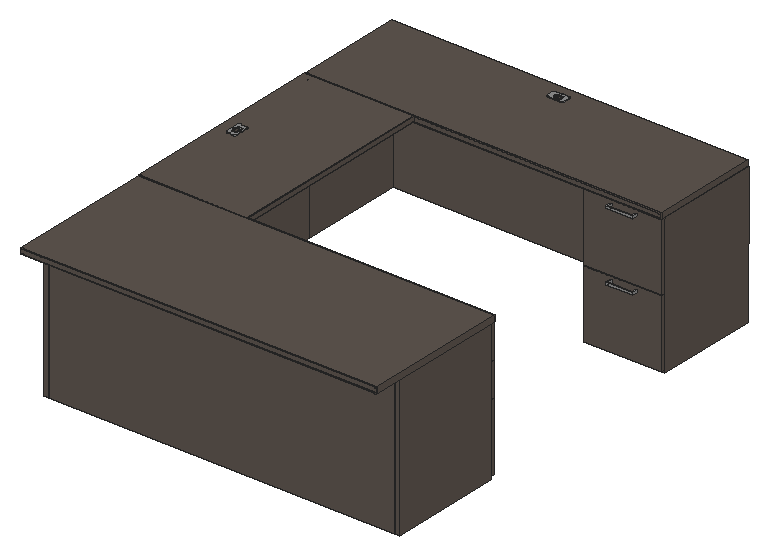
Revit family "T100294", category Furniture, Revit 2022 (continued)
Definition of nested family "OFS ELEMENT OPEN L DESK LEFT AND RIGHT 84in Width 60in Return"
  Parameters (values of type "ELEMENT OPEN L DESK RIGHT RETURN 84in Width 60in Return")
    Paper Organizer Clearance = 4 5/8"
    Paper Organizer Board Thickness = 3/4"
    Model = "EL-T84RL60C"
    Manufacturer = "OFS"
    Left Return Desk Option = yes
    Left Desk Overlay [instance] = and(Left Return Desk Option, Desk Overlay Option)  # yes
    Lateral Board Thickness = 1 3/16"
    Height = 45"
    Standoffs Material = none
    Groomet Material = none
    Desk Overlay Thickness = 1/8"
    Desk Overlay Option [instance] = yes
    Desk Overlay Material = none
    Desk Overlay = 6 1/2"
    Description = "OFS BRANDS OFS ELEMENT OPEN L DESK RIGHT RETURN 84\" Width, 84\"W x 34.3125\"D DESK, 60\"W x 22\"D RETURN With Paper Organizer"
    Desk Depth = 34 5/16"
    Depth = 94 5/16"
    Default Elevation = 0"
    Copyright © = "© 2018 OFS BRANDS"
    Catalog = "http://ofs.com/products/casegoods/reception/element"
    Bottom Board Offset = 0"
    Chassis Material = none
    Base Depth = 30"
    Back Board Thickness = 1 3/16"
    Authoring Version = "Autodesk Revit Architecture 2013"
    Assembly Code = "E2020200"
  Types (3): name | Model | Left Return Desk Option | Left Desk Overlay | Description
    (no name) | "EL-T84RL60C" | yes | yes | "OFS BRANDS OFS ELEMENT OPEN L DESK RIGHT RETURN 84\" Width, 84\"W x 34.3125\"D DESK, 60\"W x 22\"D RETURN With Paper Organizer"
    ELEMENT OPEN L DESK LEFT RETURN 84in Width 60in Return | "EL-T84LL60C" | no | no | "OFS BRANDS OFS ELEMENT OPEN L DESK LEFT RETURN 84\" Width, 84\"W x 34.3125\"D DESK, 60\"W x 22\"D RETURN With Paper Organizer"
    ELEMENT OPEN L DESK RIGHT RETURN 84in Width 60in Return | "EL-T84RL60C" | yes | yes | "OFS BRANDS OFS ELEMENT OPEN L DESK RIGHT RETURN 84\" Width, 84\"W x 34.3125\"D DESK, 60\"W x 22\"D RETURN With Paper Organizer"
  Reference planes (in)
    plane 1 "Center Front/Back": y = 0
    plane 2: z = 0
    plane 3 "Center Left/Right": x = 0
    plane 4 "Back External": y = 17.15625
    plane 5 "Right External": x = 42
    plane 6 "Front External": y = -17.15625
    plane 7 "Left External": x = -42
    plane 8 "Seat Height": z = 29.5
    plane 9 "Height": z = 45
    plane 10: x = 40.8125
    plane 11: x = -40.8125
    plane 12: y = 12.84375
    plane 13: y = 11.65625
    plane 14: y = 3.65625
    plane 15: z = 40.5
    plane 16: z = 28.5
    plane 17: z = 43.875
    plane 18: z = 39.375
    plane 19: z = 0
    plane 20: x = 39.375
    plane 21: x = 2.625
    plane 22: x = 35.5
    plane 23: z = 6.5
    plane 24: z = 34
    plane 25: y = 12.96875
    plane 26: y = -77.15625
    plane 27: x = -20
    plane 28: x = 20
    plane 29: y = -75.96875
    plane 30: x = -37
    plane 31: x = 37
    plane 32: y = -47.15625
    plane 33: x = 6.5
    plane 34: y = -18.34375
    plane 35: y = -75.21875
    plane 36: x = -40.0625
    plane 37: y = -19.09375
    plane 38: x = -28.0625
    plane 39: z = 34.125
    plane 40: z = 39.75
    plane 41: z = 34.875
    plane 42: y = -61.5625
    plane 43: y = -32.75
    plane 44: x = -28.8125
    plane 45: x = 20
    plane 46: x = 37
    plane 47: y = -19.09375
    plane 48: x = 28.0625
    plane 49: y = -61.5625
    plane 50: y = -32.75
    plane 51: x = 28.8125
    plane 52: x = -39.375
    plane 53: x = -2.625
    plane 54: x = -35.5
    plane 55: x = -6.5
  Forms (in)
    Extrusion 1, solid, material <- "Chassis Material", visible <- "Left Return Desk Option"
      sketch origin (0, 0, 0) x (1, 0, 0) y (0, 1, 0)
        loop
          line (42, 12.84375) -> (0, 12.84375) -> (0, 11.65625) -> (40.8125, 11.65625) -> (40.8125, -17.15625) -> (42, -17.15625) -> (42, 12.84375)
      from 0 to 40.5
    Extrusion 2, solid, material <- "Chassis Material", visible <- "Left Return Desk Option"
      sketch origin (0, 0, 6) x (1, 0, 0) y (0, 1, 0)
        loop
          line (0, 11.65625) -> (0, 3.65625) -> (40.8125, 3.65625) -> (40.8125, 11.65625) -> (0, 11.65625)
      from 33.375 to 34.5
    Extrusion 3, solid, material <- "Transaction Shelf Material", visible <- "Left Return Desk Option"
      sketch origin (0, 0, 6) x (1, 0, 0) y (0, 1, 0)
        loop
          line (0, 17.15625) -> (0, 3.65625) -> (42, 3.65625) -> (42, 17.15625) -> (0, 17.15625)
      from 37.875 to 39
    Extrusion 4, solid, material <- "Standoffs Material", visible <- "Left Return Desk Option"
      sketch origin (44.5, 0, 0) x (1, 0, 0) y (0, 1, 0)
        loop
          circle (-41.875, 10.04085) r 0.625
      from 40.5 to 43.875
    Extrusion 5, solid, material <- "Standoffs Material", visible <- "Left Return Desk Option"
      sketch origin (44.5, -4.75, 0) x (1, 0, 0) y (0, 1, 0)
        loop
          circle (-41.875, 10.04085) r 0.625
      from 40.5 to 43.875
    Extrusion 6, solid, material <- "Standoffs Material", visible <- "Left Return Desk Option"
      sketch origin (66.75, 0, 0) x (1, 0, 0) y (0, 1, 0)
        loop
          circle (-27.375, 10.04085) r 0.625
      from 40.5 to 43.875
    Extrusion 7, solid, material <- "Standoffs Material", visible <- "Left Return Desk Option"
      sketch origin (66.75, -4.75, 0) x (1, 0, 0) y (0, 1, 0)
        loop
          circle (-27.375, 10.04085) r 0.625
      from 40.5 to 43.875
    Extrusion 8, solid, material <- "Chassis Material", visible <- "Left Return Desk Option"
      sketch origin (0, 0, 0) x (1, 0, 0) y (0, 1, 0)
        loop
          line (-42, -17.15625) -> (-42, -77.15625) -> (-20, -77.15625) -> (-20, -75.96875) -> (-40.8125, -75.96875) -> (-40.8125, -18.34375) -> (-20, -18.34375) -> (-20, -17.15625) -> (-42, -17.15625)
      from 0 to 40.5
    Extrusion 9, solid, material <- "Worksurface Material", visible <- "Left Return Desk Option"
      sketch origin (14.83926, -32.43958, 0) x (1, 0, 0) y (0, 1, 0)
        loop
          line (-55.65176, 14.09583) -> (-55.65176, -43.52917) -> (-34.83926, -43.52917) -> (-34.83926, 14.09583) -> (-55.65176, 14.09583)
      from 28.5 to 29.5
    Extrusion 10, solid, material <- "Desk Overlay Material", visible <- "Left Desk Overlay"
      sketch origin (0, 0, 0) x (1, 0, 0) y (0, 0, 1)
        loop
          line (35.5, 34) -> (6.5, 34) -> (6.5, 6.5) -> (35.5, 6.5) -> (35.5, 34)
      from -12.96875 to -12.84375
    Extrusion 11, solid, material <- "Chassis Material", visible <- "Left Return Desk Option"
      sketch origin (-18.5848, -3.95032, 0) x (1, 0, 0) y (0, 1, 0)
        loop
          line (19.7723, 15.60657) -> (18.5848, 15.60657) -> (18.5848, 3.95032) -> (19.7723, 3.95032) -> (19.7723, 15.60657)
      from 0 to 28.5
    Extrusion 12, solid, material <- "Paper Organizer Material", visible <- "Left Return Desk Option"
      sketch origin (0, 0, 0) x (1, 0, 0) y (0, 1, 0)
        loop
          line (-28.0625, -19.09375) -> (-28.0625, -18.34375) -> (-40.8125, -18.34375) -> (-40.8125, -75.96875) -> (-28.0625, -75.96875) -> (-28.0625, -75.21875) -> (-40.0625, -75.21875) -> (-40.0625, -19.09375) -> (-28.0625, -19.09375)
      from 34.125 to 40.5
    Extrusion 13, solid, material <- "Paper Organizer Material", visible <- "Left Return Desk Option"
      sketch origin (0, 0, 0) x (1, 0, 0) y (0, 1, 0)
        loop
          line (-40.8125, -18.34375) -> (-40.8125, -75.96875) -> (-28.0625, -75.96875) -> (-28.0625, -18.34375) -> (-40.8125, -18.34375)
      from 39.75 to 40.5
    Extrusion 14, solid, material <- "Paper Organizer Material", visible <- "Left Return Desk Option"
      sketch origin (0, 0, 0) x (1, 0, 0) y (0, 1, 0)
        loop
          line (-40.8125, -18.34375) -> (-40.8125, -75.96875) -> (-28.0625, -75.96875) -> (-28.0625, -18.34375) -> (-40.8125, -18.34375)
      from 34.125 to 34.875
    Extrusion 15, solid, material <- "Paper Organizer Material", visible <- "Left Return Desk Option"
      sketch origin (0, 0, 0) x (1, 0, 0) y (0, 1, 0)
        loop
          line (-40.0625, -32.625) -> (-40.0625, -32.875) -> (-28.8125, -32.875) -> (-28.8125, -32.625) -> (-40.0625, -32.625)
      from 34.875 to 39.75
    Extrusion 16, solid, material <- "Paper Organizer Material", visible <- "Left Return Desk Option"
      sketch origin (0, -11.40625, 0) x (1, 0, 0) y (0, 1, 0)
        loop
          line (-40.0625, -35.625) -> (-40.0625, -35.875) -> (-28.8125, -35.875) -> (-28.8125, -35.625) -> (-40.0625, -35.625)
      from 34.875 to 39.75
    Extrusion 17, solid, material <- "Paper Organizer Material", visible <- "Left Return Desk Option"
      sketch origin (0, -22.8125, 0) x (1, 0, 0) y (0, 1, 0)
        loop
          line (-40.0625, -38.625) -> (-40.0625, -38.875) -> (-28.8125, -38.875) -> (-28.8125, -38.625) -> (-40.0625, -38.625)
      from 34.875 to 39.75
    Extrusion 18, solid, material <- "Chassis Material", visible <- "Right Return Desk Option"
      sketch origin (0, 0, 0) x (-1, 0, 0) y (0, -1, 0)
        loop
          line (-42, 17.15625) -> (-20, 17.15625) -> (-20, 18.34375) -> (-40.8125, 18.34375) -> (-40.8125, 75.96875) -> (-20, 75.96875) -> (-20, 77.15625) -> (-42, 77.15625) -> (-42, 17.15625)
      from 0 to 40.5
    Extrusion 19, solid, material <- "Worksurface Material", visible <- "Right Return Desk Option"
      sketch origin (-14.83926, -32.43958, 0) x (-1, 0, 0) y (0, -1, 0)
        loop
          line (-55.65176, -14.09583) -> (-34.83926, -14.09583) -> (-34.83926, 43.52917) -> (-55.65176, 43.52917) -> (-55.65176, -14.09583)
      from 28.5 to 29.5
    Extrusion 20, solid, material <- "Paper Organizer Material", visible <- "Right Return Desk Option"
      sketch origin (0, 0, 0) x (-1, 0, 0) y (0, -1, 0)
        loop
          line (-28.0625, 19.09375) -> (-40.0625, 19.09375) -> (-40.0625, 75.21875) -> (-28.0625, 75.21875) -> (-28.0625, 75.96875) -> (-40.8125, 75.96875) -> (-40.8125, 18.34375) -> (-28.0625, 18.34375) -> (-28.0625, 19.09375)
      from 34.125 to 40.5
    Extrusion 21, solid, material <- "Paper Organizer Material", visible <- "Right Return Desk Option"
      sketch origin (0, 0, 0) x (-1, 0, 0) y (0, -1, 0)
        loop
          line (-40.8125, 18.34375) -> (-28.0625, 18.34375) -> (-28.0625, 75.96875) -> (-40.8125, 75.96875) -> (-40.8125, 18.34375)
      from 39.75 to 40.5
    Extrusion 22, solid, material <- "Paper Organizer Material", visible <- "Right Return Desk Option"
      sketch origin (0, 0, 0) x (-1, 0, 0) y (0, -1, 0)
        loop
          line (-40.8125, 18.34375) -> (-28.0625, 18.34375) -> (-28.0625, 75.96875) -> (-40.8125, 75.96875) -> (-40.8125, 18.34375)
      from 34.125 to 34.875
    Extrusion 23, solid, material <- "Paper Organizer Material", visible <- "Right Return Desk Option"
      sketch origin (0, 0, 0) x (-1, 0, 0) y (0, -1, 0)
        loop
          line (-40.0625, 32.625) -> (-28.8125, 32.625) -> (-28.8125, 32.875) -> (-40.0625, 32.875) -> (-40.0625, 32.625)
      from 34.875 to 39.75
    Extrusion 24, solid, material <- "Paper Organizer Material", visible <- "Right Return Desk Option"
      sketch origin (0, -11.40625, 0) x (-1, 0, 0) y (0, -1, 0)
        loop
          line (-40.0625, 35.625) -> (-28.8125, 35.625) -> (-28.8125, 35.875) -> (-40.0625, 35.875) -> (-40.0625, 35.625)
      from 34.875 to 39.75
    Extrusion 25, solid, material <- "Paper Organizer Material", visible <- "Right Return Desk Option"
      sketch origin (0, -22.8125, 0) x (-1, 0, 0) y (0, -1, 0)
        loop
          line (-40.0625, 38.625) -> (-28.8125, 38.625) -> (-28.8125, 38.875) -> (-40.0625, 38.875) -> (-40.0625, 38.625)
      from 34.875 to 39.75
    Extrusion 26, solid, material <- "Worksurface Material", visible <- "Right Return Desk Option"
      sketch origin (0, 0, 0) x (-1, 0, 0) y (0, -1, 0)
        loop
          line (-36, -11.65625) -> (40.8125, -11.65625) -> (40.8125, 17.15625) -> (-42, 17.15625) -> (-42, -5.65625)
          arc (-42, -5.65625) -> (-40.24264, -9.89889) -> (-36, -11.65625) r 6
      from 28.5 to 29.5
    Extrusion 27, solid, material <- "Chassis Material", visible <- "Right Return Desk Option"
      sketch origin (0, 0, 0) x (-1, 0, 0) y (0, -1, 0)
        loop
          line (42, -12.84375) -> (42, 17.15625) -> (40.8125, 17.15625) -> (40.8125, -11.65625) -> (0, -11.65625) -> (0, -12.84375) -> (42, -12.84375)
      from 0 to 40.5
    Extrusion 28, solid, material <- "Transaction Shelf Material", visible <- "Right Return Desk Option"
      sketch origin (0, 0, 6) x (-1, 0, 0) y (0, -1, 0)
        loop
          line (0, -17.15625) -> (42, -17.15625) -> (42, -3.65625) -> (0, -3.65625) -> (0, -17.15625)
      from 37.875 to 39
    Extrusion 29, solid, material <- "Standoffs Material", visible <- "Right Return Desk Option"
      sketch origin (-44.5, 0, 0) x (-1, 0, 0) y (0, -1, 0)
        loop
          circle (-41.875, -10.04085) r 0.625
      from 40.5 to 43.875
    Extrusion 30, solid, material <- "Standoffs Material", visible <- "Right Return Desk Option"
      sketch origin (-44.5, -4.75, 0) x (-1, 0, 0) y (0, -1, 0)
        loop
          circle (-41.875, -10.04085) r 0.625
      from 40.5 to 43.875
    Extrusion 31, solid, material <- "Standoffs Material", visible <- "Right Return Desk Option"
      sketch origin (-66.75, 0, 0) x (-1, 0, 0) y (0, -1, 0)
        loop
          circle (-27.375, -10.04085) r 0.625
      from 40.5 to 43.875
    Extrusion 32, solid, material <- "Standoffs Material", visible <- "Right Return Desk Option"
      sketch origin (-66.75, -4.75, 0) x (-1, 0, 0) y (0, -1, 0)
        loop
          circle (-27.375, -10.04085) r 0.625
      from 40.5 to 43.875
    Extrusion 33, solid, material <- "Chassis Material", visible <- "Right Return Desk Option"
      sketch origin (18.5848, -3.95032, 0) x (-1, 0, 0) y (0, -1, 0)
        loop
          line (19.7723, -15.60657) -> (19.7723, -3.95032) -> (18.5848, -3.95032) -> (18.5848, -15.60657) -> (19.7723, -15.60657)
      from 0 to 28.5
    Extrusion 34, solid, material <- "Chassis Material", visible <- "Right Return Desk Option"
      sketch origin (0, 0, 6) x (-1, 0, 0) y (0, -1, 0)
        loop
          line (0, -11.65625) -> (40.8125, -11.65625) -> (40.8125, -3.65625) -> (0, -3.65625) -> (0, -11.65625)
      from 33.375 to 34.5
    Extrusion 35, solid, material <- "Desk Overlay Material", visible <- "Right Desk Ovelay"
      sketch origin (0, 0, 0) x (-1, 0, 0) y (0, 0, -1)
        loop
          line (35.5, -34) -> (35.5, -6.5) -> (6.5, -6.5) -> (6.5, -34) -> (35.5, -34)
      from -12.96875 to -12.84375
    Extrusion 36, solid, material <- "Worksurface Material", visible <- "Left Return Desk Option"
      sketch origin (0, 0, 0) x (1, 0, 0) y (0, 1, 0)
        loop
          arc (-36, 11.65625) -> (-40.24264, 9.89889) -> (-42, 5.65625) r 6
          line (-42, 5.65625) -> (-42, -17.15625) -> (40.8125, -17.15625) -> (40.8125, 11.65625) -> (-36, 11.65625)
      from 28.5 to 29.5
  Cuts and joins
    joined: Extrusion 12, Extrusion 13, Extrusion 14
    joined: Extrusion 20, Extrusion 21, Extrusion 22
  Dimensions and locks (in)
    equal spacing: plane 7 "Left External", plane 3 "Center Left/Right", plane 5 "Right External"
    "Width": plane 7 "Left External" to plane 5 "Right External"
    equal spacing: plane 6 "Front External", plane 1 "Center Front/Back", plane 4 "Back External"
    "Desk Depth": plane 4 "Back External" to plane 6 "Front External"
    plane 8 "Seat Height" to level = 29 1/2"
    "Height": plane 9 "Height" to level
    "Lateral Board Thickness": plane 7 "Left External" to plane 11
    "Lateral Board Thickness": plane 10 to plane 5 "Right External"
    "Base Depth": plane 12 to plane 6 "Front External"
    "Back Board Thickness": plane 12 to plane 13
    "Table Depth": plane 4 "Back External" to plane 14
    plane 15 to level = 40 1/2"
    "Bottom Board Offset": plane 19 to level
    "Table Supp from Lateral": plane 5 "Right External" to plane 20
    "Table Supp from Lateral": plane 21 to plane 3 "Center Left/Right"
    "Desk Overlay": plane 5 "Right External" to plane 22
    "Desk Overlay": plane 24 to plane 15
    "Desk Overlay": plane 19 to plane 23
    "Desk Overlay Thickness": plane 25 to plane 12
    "Depth": plane 4 "Back External" to plane 26
    "Return Worksurface Width": plane 7 "Left External" to plane 27
    "Return Worksurface Width": plane 28 to plane 5 "Right External"
    "Back Board Thickness": plane 29 to plane 26
    plane 7 "Left External" to plane 30 = 5"
    plane 31 to plane 5 "Right External" = 5"
    equal spacing: plane 34, plane 43, plane 32, plane 42, plane 29
    "Desk Overlay": plane 33 to plane 3 "Center Left/Right"
    "Back Board Thickness": plane 6 "Front External" to plane 34
    "Paper Organizer Board Thickness": plane 34 to plane 37
    "Paper Organizer Board Thickness": plane 11 to plane 36
    "Paper Organizer Board Thickness": plane 35 to plane 29
    "Paper Organizer Depth": plane 11 to plane 38
    "Paper Organizer Clearance": plane 39 to plane 8 "Seat Height"
    "Paper Organizer Board Thickness": plane 15 to plane 40
    "Paper Organizer Board Thickness": plane 41 to plane 39
    "Paper Organizer Board Thickness": plane 44 to plane 38
    "Return Worksurface Width": plane 5 "Right External" to plane 45
    plane 29 to plane 26 = 1 3/16"
    plane 5 "Right External" to plane 46 = 5"
    plane 34 to plane 50 to plane 32 to plane 49 to plane 29 = 14 13/32", 14 13/32", 14 13/32", 14 13/32"
    "Paper Organizer Board Thickness": plane 34 to plane 47
    plane 35 to plane 29 = 3/4"
    "Paper Organizer Depth": plane 10 to plane 48
    "Paper Organizer Board Thickness": plane 51 to plane 48
    "Table Supp from Lateral": plane 53 to plane 3 "Center Left/Right"
    "Table Supp from Lateral": plane 7 "Left External" to plane 52
    locked: plane 7 "Left External" to plane 54 at 6.5
    aligned and locked: level to plane 2
    aligned and locked: Extrusion 1 sketch curve to plane 12
    aligned and locked: plane 5 "Right External" to Extrusion 1 sketch curve
    aligned and locked: Extrusion 1 sketch curve to plane 13
    aligned and locked: Extrusion 1 to plane 19
    aligned and locked: Extrusion 2 to plane 18
    aligned and locked: plane 10 to Extrusion 2
    aligned and locked: Extrusion 2 to plane 13
    aligned and locked: Extrusion 2 to plane 14
    aligned and locked: Extrusion 3 to plane 14
    aligned and locked: Extrusion 3 to plane 4 "Back External"
    aligned and locked: Extrusion 3 to plane 9 "Height"
    aligned and locked: Extrusion 3 to plane 17
    aligned and locked: plane 5 "Right External" to Extrusion 3
    aligned and locked: Extrusion 8 sketch curve to plane 29
    aligned and locked: plane 27 to Extrusion 8 sketch curve
    aligned and locked: plane 26 to Extrusion 8 sketch curve
    aligned and locked: Extrusion 8 sketch curve to plane 6 "Front External"
    aligned and locked: plane 11 to Extrusion 9
    aligned and locked: Extrusion 9 to plane 27
    aligned and locked: Extrusion 9 to plane 29
    aligned and locked: Extrusion 8 to plane 19
    aligned and locked: plane 15 to Extrusion 8
    aligned and locked: Extrusion 3 to plane 3 "Center Left/Right"
    aligned and locked: Extrusion 2 to plane 3 "Center Left/Right"
    aligned and locked: Extrusion 10 to plane 33
    aligned and locked: Extrusion 10 to plane 22
    aligned and locked: Extrusion 8 sketch curve to plane 34
    aligned and locked: Extrusion 9 to Extrusion 8 sketch curve
    aligned and locked: Extrusion 9 to Extrusion 8
    aligned and locked: plane 37 to Extrusion 12 sketch curve
    aligned and locked: plane 36 to Extrusion 12 sketch curve
    aligned and locked: Extrusion 12 sketch curve to plane 35
    aligned and locked: Extrusion 12 sketch curve to Extrusion 8  (x3)
    aligned and locked: plane 38 to Extrusion 12 sketch curve  (x2)
    aligned and locked: plane 15 to Extrusion 12
    aligned and locked: Extrusion 12 to plane 39
    aligned and locked: Extrusion 13 sketch curve to Extrusion 8  (x2)
    aligned and locked: Extrusion 13 sketch curve to Extrusion 12  (x2)
    aligned and locked: Extrusion 13 to plane 40
    aligned and locked: plane 15 to Extrusion 13
    aligned and locked: Extrusion 14 sketch curve to Extrusion 8  (x2)
    aligned and locked: plane 29 to Extrusion 14 sketch curve
    aligned and locked: Extrusion 14 sketch curve to plane 38
    aligned and locked: Extrusion 14 to plane 39
    aligned and locked: plane 41 to Extrusion 14
    aligned and locked: Extrusion 15 to plane 41
    aligned and locked: Extrusion 16 to plane 41
    aligned and locked: Extrusion 17 to plane 41
    aligned and locked: plane 40 to Extrusion 15
    aligned and locked: plane 40 to Extrusion 16
    aligned and locked: plane 40 to Extrusion 17
    aligned and locked: plane 29 to Extrusion 18 sketch curve
    aligned and locked: plane 45 to Extrusion 18 sketch curve
    aligned and locked: Extrusion 18 sketch curve to plane 26
    aligned and locked: plane 45 to Extrusion 19
    aligned and locked: plane 29 to Extrusion 19
    aligned and locked: Extrusion 18 sketch curve to plane 34
    aligned and locked: Extrusion 19 to Extrusion 18 sketch curve
    aligned and locked: Extrusion 18 to Extrusion 19
    aligned and locked: Extrusion 20 sketch curve to plane 47
    aligned and locked: plane 35 to Extrusion 20 sketch curve
    aligned and locked: Extrusion 18 to Extrusion 20 sketch curve
    aligned and locked: Extrusion 20 sketch curve to Extrusion 18  (x2)
    aligned and locked: Extrusion 20 sketch curve to plane 48
    aligned and locked: plane 48 to Extrusion 20 sketch curve
    aligned and locked: Extrusion 21 sketch curve to Extrusion 18  (x2)
    aligned and locked: Extrusion 21 sketch curve to Extrusion 20  (x2)
    aligned and locked: Extrusion 22 sketch curve to Extrusion 18  (x2)
    aligned and locked: Extrusion 22 sketch curve to plane 29
    aligned and locked: plane 48 to Extrusion 22 sketch curve
    aligned and locked: Extrusion 26 to Extrusion 27 sketch curve
    aligned and locked: Extrusion 27 sketch curve to Extrusion 26
    aligned and locked: Extrusion 26 to Extrusion 33
    aligned and locked: plane 55 to Extrusion 35
    aligned and locked: plane 54 to Extrusion 35
  Automatic sketch dimensions
    Extrusion 1 sketch curve to plane 3 "Center Left/Right" = 0"
    plane 6 "Front External" to Extrusion 1 sketch curve = 0"
    Extrusion 1 sketch curve to plane 10 = 0"
    Extrusion 2 sketch curve to plane 3 "Center Left/Right" = 0"
    Extrusion 2 sketch curve to plane 10 = 0"
    Extrusion 2 sketch curve to plane 14 = 0"
    Extrusion 2 sketch curve to plane 13 = 0"
    Extrusion 3 sketch curve to plane 3 "Center Left/Right" = 0"
    Extrusion 3 sketch curve to plane 5 "Right External" = 0"
    Extrusion 3 sketch curve to plane 14 = 0"
    Extrusion 3 sketch curve to plane 4 "Back External" = 0"
    Extrusion 4 sketch curve to plane 21 = 0"
    Extrusion 4 sketch curve to plane 13 = 1.6154"
    Extrusion 5 sketch curve to plane 21 = 0"
    plane 14 to Extrusion 5 sketch curve = 1.6346"
    Extrusion 6 sketch curve to plane 20 = 0"
    Extrusion 6 sketch curve to plane 13 = 1.6154"
    Extrusion 7 sketch curve to plane 20 = 0"
    plane 14 to Extrusion 7 sketch curve = 1.6346"
    Extrusion 8 sketch curve to plane 7 "Left External" = 0"
    Extrusion 8 sketch curve to plane 11 = 0"
    Extrusion 9 sketch curve to plane 11 = 0"
    Extrusion 9 sketch curve to plane 27 = 0"
    Extrusion 9 sketch curve to plane 29 = 0"
    Extrusion 9 sketch curve to plane 34 = 0"
    Extrusion 10 sketch curve to plane 24 = 0"
    Extrusion 10 sketch curve to plane 33 = 0"
    plane 22 to Extrusion 10 sketch curve = 0"
    Extrusion 10 sketch curve to plane 23 = 0"
    Extrusion 11 sketch curve to plane 3 "Center Left/Right" = 0"
    plane 1 "Center Front/Back" to Extrusion 11 sketch curve = 0"
    Extrusion 11 sketch curve to plane 13 = 0"
    Extrusion 11 sketch curve to Extrusion 11 sketch curve = 1 3/16"
    Extrusion 12 sketch curve to plane 37 = 0"
    Extrusion 15 sketch curve to plane 36 = 0"
    Extrusion 15 sketch curve to plane 44 = 0"
    Extrusion 15 sketch curve to plane 43 = 1/8"
    plane 43 to Extrusion 15 sketch curve = 1/8"
    Extrusion 16 sketch curve to plane 36 = 0"
    Extrusion 16 sketch curve to plane 44 = 0"
    Extrusion 16 sketch curve to plane 32 = 1/8"
    plane 32 to Extrusion 16 sketch curve = 1/8"
    Extrusion 17 sketch curve to plane 36 = 0"
    Extrusion 17 sketch curve to plane 44 = 0"
    Extrusion 17 sketch curve to plane 42 = 1/8"
    plane 42 to Extrusion 17 sketch curve = 1/8"
    Extrusion 18 sketch curve to plane 5 "Right External" = 0"
    Extrusion 18 sketch curve to plane 10 = 0"
    Extrusion 18 sketch curve to plane 6 "Front External" = 0"
    Extrusion 19 sketch curve to plane 10 = 0"
    Extrusion 19 sketch curve to plane 28 = 0"
    Extrusion 19 sketch curve to plane 29 = 0"
    plane 34 to Extrusion 19 sketch curve = 0"
    plane 37 to Extrusion 20 sketch curve = 0"
    plane 20 to Extrusion 20 sketch curve = 11/16"
    Extrusion 23 sketch curve to plane 51 = 0"
    plane 43 to Extrusion 23 sketch curve = 1/8"
    Extrusion 23 sketch curve to plane 43 = 1/8"
    plane 20 to Extrusion 23 sketch curve = 11/16"
    Extrusion 24 sketch curve to plane 51 = 0"
    plane 32 to Extrusion 24 sketch curve = 1/8"
    Extrusion 24 sketch curve to plane 32 = 1/8"
    plane 20 to Extrusion 24 sketch curve = 11/16"
    Extrusion 25 sketch curve to plane 51 = 0"
    plane 42 to Extrusion 25 sketch curve = 1/8"
    Extrusion 25 sketch curve to plane 42 = 1/8"
    plane 20 to Extrusion 25 sketch curve = 11/16"
    Extrusion 26 sketch curve to plane 5 "Right External" = 0"
    Extrusion 26 sketch curve to plane 13 = 0"
    Extrusion 26 sketch curve to plane 11 = 0"
    Extrusion 26 sketch curve to plane 6 "Front External" = 0"
    plane 22 to Extrusion 26 sketch curve = 1/2"
    Extrusion 27 sketch curve to plane 3 "Center Left/Right" = 0"
    Extrusion 27 sketch curve to plane 7 "Left External" = 0"
    Extrusion 27 sketch curve to plane 13 = 0"
    Extrusion 27 sketch curve to plane 12 = 0"
    Extrusion 28 sketch curve to plane 3 "Center Left/Right" = 0"
    Extrusion 28 sketch curve to plane 7 "Left External" = 0"
    Extrusion 28 sketch curve to plane 4 "Back External" = 0"
    Extrusion 28 sketch curve to plane 14 = 0"
    Extrusion 29 sketch curve to plane 53 = 0"
    plane 13 to Extrusion 29 sketch curve = 1.6154"
    Extrusion 30 sketch curve to plane 53 = 0"
    Extrusion 30 sketch curve to plane 14 = 1.6346"
    Extrusion 31 sketch curve to plane 52 = 0"
    plane 13 to Extrusion 31 sketch curve = 1.6154"
    Extrusion 32 sketch curve to plane 52 = 0"
    Extrusion 32 sketch curve to plane 14 = 1.6346"
    Extrusion 33 sketch curve to plane 3 "Center Left/Right" = 0"
    plane 1 "Center Front/Back" to Extrusion 33 sketch curve = 0"
    Extrusion 33 sketch curve to plane 13 = 0"
    Extrusion 33 sketch curve to Extrusion 33 sketch curve = 1 3/16"
    Extrusion 34 sketch curve to plane 3 "Center Left/Right" = 0"
    Extrusion 34 sketch curve to plane 11 = 0"
    Extrusion 34 sketch curve to plane 13 = 0"
    Extrusion 34 sketch curve to plane 14 = 0"
    Extrusion 35 sketch curve to plane 24 = 0"
    plane 55 to Extrusion 35 sketch curve = 0"
    Extrusion 35 sketch curve to plane 23 = 0"
    plane 54 to Extrusion 35 sketch curve = 0"
    Extrusion 36 sketch curve to plane 7 "Left External" = 0"
    Extrusion 36 sketch curve to plane 13 = 0"
    Extrusion 36 sketch curve to plane 10 = 0"
    plane 6 "Front External" to Extrusion 36 sketch curve = 0"
    Extrusion 36 sketch curve to plane 54 = 1/2"
    radius of Extrusion 4 sketch curve = 5/8"
    radius of Extrusion 5 sketch curve = 5/8"
    radius of Extrusion 6 sketch curve = 5/8"
    radius of Extrusion 7 sketch curve = 5/8"
    radius of Extrusion 29 sketch curve = 5/8"
    radius of Extrusion 30 sketch curve = 5/8"
    radius of Extrusion 31 sketch curve = 5/8"
    radius of Extrusion 32 sketch curve = 5/8"
Types (3): name | Description
  (no name) | "OFS TYPICAL T100294"
  T100 | "OFS TYPICAL T100"
  T100294 | "OFS TYPICAL T100294"
